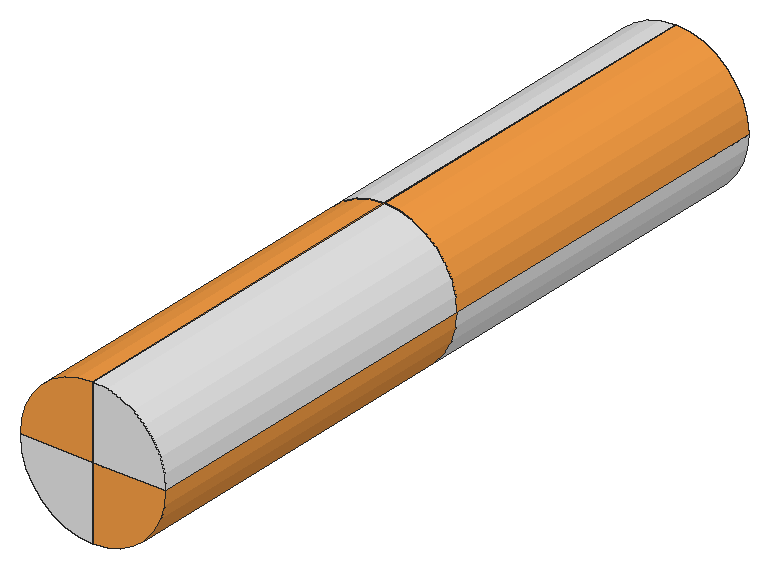
Revit family "DBU_GM_UN_Opening-SymbolicCircular-MEPcontent_gen_BERSnl", category Generic Models, Revit 2022
Family settings
  Can host rebar = No
  Round Connector Dimension = Use Diameter
  Part Type = Normal
  Work Plane-Based = No
  Always vertical = No
  Cut with Voids When Loaded = No
  Maintain Annotation Orientation = No
  Shared = No
  Room Calculation Point = No
Parameters
  Response [instance] = if(DBU_OpeningStatus = 0, "Request", if(DBU_OpeningStatus = 1, "Declined", if(DBU_OpeningStatus = 2, "Approved", if(DBU_OpeningStatus = 3, "Approved Drilling", if(DBU_OpeningStatus = 4, "On Hold", if(DBU_OpeningStatus = 5, "Executed", "Invalid"))))))  # "Request"
  Request [instance] = DBU_OpeningStatus = 0  # yes
  On Hold [instance] = DBU_OpeningStatus = 3  # no
  Not Drilling [instance] = yes
  Execution Type [instance] = if(Not Drilling, "Not Drilling", "Drilling")  # "Not Drilling"
  Executed [instance] = DBU_OpeningStatus = 4  # no
  Drilling [instance] = not(Not Drilling)  # no
  Default Elevation = 0 mm
  Declined [instance] = DBU_OpeningStatus = 1  # no
  DBU_OpeningStatus [instance] = 0
  DBU_CTE_Zone [instance] = ""
  DBU_CTE_Z Coordinate Value [instance] = ""
  DBU_CTE_Level [instance] = ""
  DBU_CTE_ID [instance] = ""
  DBU_CTE_Discipline = ""
  DBU_CTE_Classificatie [instance] = ""
  DBU_CTE_BuildingPart [instance] = ""
  DBU_CLE_Z Value - Top [instance] = 0 mm
  DBU_CLE_Diameter [instance] = 200 mm
  DBU_CLE_Depth [instance] = 1000 mm
  Approved [instance] = DBU_OpeningStatus = 2  # no
Reference planes
  plane 1 "Center (Front/Back)": y = 0
  plane 2: z = 0
  plane 3 "Center (Left/Right)": x = 0
Lines and regions (mm)
  model lines, style "InvisibleLines"
    curve 1: line (0, 0, -2500) -> (0, 0, 2500)
Dimensions and locks
  aligned and locked: level to plane 2
  aligned and locked: plane 3 "Center (Left/Right)" to nested 1
  aligned and locked: plane 1 "Center (Front/Back)" to nested 1
  aligned and locked: level to nested 1
  aligned and locked: curve 1 to plane 3 "Center (Left/Right)"
  aligned and locked: curve 1 to plane 1 "Center (Front/Back)"
Nested families
  nested 1: "DBU_OpeningCircular" at (0, 0, 0), Depth <- "DBU_CLE_Depth", Diameter <- "DBU_CLE_Diameter", ConstructorStatus <- "DBU_OpeningStatus", type "DBU_OpeningCircular"
    with Request yes, RecessNeutral Color RGB 230-230-230, Radius 100 mm, OnHold no, Executed no, Diameter 200 mm, Depth 1000 mm, Declined no, ConstructorStatus 0, Approved no
Definition of nested family "DBU_OpeningCircular"
  Parameters (values of type "DBU_OpeningCircular")
    Request [instance] = not(or(Declined, Approved, OnHold, Executed))  # yes
    RecessNeutral [instance] = none
    Radius [instance] = Diameter / 2  # 75 mm
    OnHold [instance] = ConstructorStatus = 3  # no
    Executed [instance] = ConstructorStatus = 4  # no
    Diameter [instance] = 150 mm
    Depth [instance] = 1000 mm
    Default Elevation = 1219.2 mm
    Declined [instance] = ConstructorStatus = 1  # no
    ConstructorStatus [instance] = 0
    Approved [instance] = ConstructorStatus = 2  # no
  Reference planes
    plane 1 "Center (Front/Back)": y = 0
    plane 2: z = 0
    plane 3 "Center (Left/Right)": x = 0
    plane 4: y = 500
    plane 5: y = -500
    plane 6: z = -75
    plane 7: z = -150
  Forms (mm)
    Extrusion 1, solid, visible <- "Request"
      sketch origin (0, 0, 0) x (1, 0, 0) y (0, 0, 1)
        loop
          line (0, -75) -> (0, 0)
          arc (0, 0) -> (-53.033, -21.967) -> (-75, -75) r 75
          line (-75, -75) -> (0, -75)
      from 0 to 500
    Extrusion 2, solid, material <- "RecessNeutral"
      sketch origin (0, 0, 0) x (1, 0, 0) y (0, 0, 1)
        loop
          line (0, -75) -> (75, -75)
          arc (75, -75) -> (53.033, -21.967) -> (0, 0) r 75
          line (0, 0) -> (0, -75)
      from 0 to 500
    Extrusion 3, solid, material <- "RecessNeutral"
      sketch origin (0, 0, 0) x (1, 0, 0) y (0, 0, 1)
        loop
          arc (-75, -75) -> (-53.033, -128.033) -> (0, -150) r 75
          line (0, -150) -> (0, -75) -> (-75, -75)
      from 0 to 500
    Extrusion 4, solid, visible <- "Request"
      sketch origin (0, 0, 0) x (1, 0, 0) y (0, 0, 1)
        loop
          line (75, -75) -> (0, -75) -> (0, -150)
          arc (0, -150) -> (53.033, -128.033) -> (75, -75) r 75
      from 0 to 500
    Extrusion 5, solid, visible <- "Request"
      sketch origin (0, 0, 0) x (1, 0, 0) y (0, 0, 1)
        loop
          arc (75, -75) -> (53.033, -21.967) -> (0, 0) r 75
          line (0, 0) -> (0, -75) -> (75, -75)
      from -500 to 0
    Extrusion 6, solid, material <- "RecessNeutral"
      sketch origin (0, 0, 0) x (1, 0, 0) y (0, 0, 1)
        loop
          line (75, -75) -> (0, -75) -> (0, -150)
          arc (0, -150) -> (53.033, -128.033) -> (75, -75) r 75
      from -500 to 0
    Extrusion 7, solid, material <- "RecessNeutral"
      sketch origin (0, 0, 0) x (1, 0, 0) y (0, 0, 1)
        loop
          arc (0, 0) -> (-53.033, -21.967) -> (-75, -75) r 75
          line (-75, -75) -> (0, -75) -> (0, 0)
      from -500 to 0
    Extrusion 8, solid, visible <- "Request"
      sketch origin (0, 0, 0) x (1, 0, 0) y (0, 0, 1)
        loop
          line (0, -150) -> (0, -75) -> (-75, -75)
          arc (-75, -75) -> (-53.033, -128.033) -> (0, -150) r 75
      from -500 to 0
    Extrusion 9, solid, visible <- "Declined"
      sketch origin (0, 0, 0) x (1, 0, 0) y (0, 0, 1)
        loop
          line (0, -75) -> (0, 0)
          arc (0, 0) -> (-53.033, -21.967) -> (-75, -75) r 75
          line (-75, -75) -> (0, -75)
      from 0 to 500
    Extrusion 10, solid, visible <- "Declined"
      sketch origin (0, 0, 0) x (1, 0, 0) y (0, 0, 1)
        loop
          line (75, -75) -> (0, -75) -> (0, -150)
          arc (0, -150) -> (53.033, -128.033) -> (75, -75) r 75
      from 0 to 500
    Extrusion 11, solid, visible <- "Declined"
      sketch origin (0, 0, 0) x (1, 0, 0) y (0, 0, 1)
        loop
          arc (75, -75) -> (53.033, -21.967) -> (0, 0) r 75
          line (0, 0) -> (0, -75) -> (75, -75)
      from -500 to 0
    Extrusion 12, solid, visible <- "Declined"
      sketch origin (0, 0, 0) x (1, 0, 0) y (0, 0, 1)
        loop
          line (0, -150) -> (0, -75) -> (-75, -75)
          arc (-75, -75) -> (-53.033, -128.033) -> (0, -150) r 75
      from -500 to 0
    Extrusion 13, solid, visible <- "Approved"
      sketch origin (0, 0, 0) x (1, 0, 0) y (0, 0, 1)
        loop
          line (0, -75) -> (0, 0)
          arc (0, 0) -> (-53.033, -21.967) -> (-75, -75) r 75
          line (-75, -75) -> (0, -75)
      from 0 to 500
    Extrusion 14, solid, visible <- "Approved"
      sketch origin (0, 0, 0) x (1, 0, 0) y (0, 0, 1)
        loop
          line (75, -75) -> (0, -75) -> (0, -150)
          arc (0, -150) -> (53.033, -128.033) -> (75, -75) r 75
      from 0 to 500
    Extrusion 15, solid, visible <- "Approved"
      sketch origin (0, 0, 0) x (1, 0, 0) y (0, 0, 1)
        loop
          arc (75, -75) -> (53.033, -21.967) -> (0, 0) r 75
          line (0, 0) -> (0, -75) -> (75, -75)
      from -500 to 0
    Extrusion 16, solid, visible <- "Approved"
      sketch origin (0, 0, 0) x (1, 0, 0) y (0, 0, 1)
        loop
          line (0, -150) -> (0, -75) -> (-75, -75)
          arc (-75, -75) -> (-53.033, -128.033) -> (0, -150) r 75
      from -500 to 0
    Extrusion 17, solid, visible <- "OnHold"
      sketch origin (0, 0, 0) x (1, 0, 0) y (0, 0, 1)
        loop
          line (0, -75) -> (0, 0)
          arc (0, 0) -> (-53.033, -21.967) -> (-75, -75) r 75
          line (-75, -75) -> (0, -75)
      from 0 to 500
    Extrusion 18, solid, visible <- "OnHold"
      sketch origin (0, 0, 0) x (1, 0, 0) y (0, 0, 1)
        loop
          line (75, -75) -> (0, -75) -> (0, -150)
          arc (0, -150) -> (53.033, -128.033) -> (75, -75) r 75
      from 0 to 500
    Extrusion 19, solid, visible <- "OnHold"
      sketch origin (0, 0, 0) x (1, 0, 0) y (0, 0, 1)
        loop
          arc (75, -75) -> (53.033, -21.967) -> (0, 0) r 75
          line (0, 0) -> (0, -75) -> (75, -75)
      from -500 to 0
    Extrusion 20, solid, visible <- "OnHold"
      sketch origin (0, 0, 0) x (1, 0, 0) y (0, 0, 1)
        loop
          line (0, -150) -> (0, -75) -> (-75, -75)
          arc (-75, -75) -> (-53.033, -128.033) -> (0, -150) r 75
      from -500 to 0
    Extrusion 21, solid, visible <- "Executed"
      sketch origin (0, 0, 0) x (1, 0, 0) y (0, 0, 1)
        loop
          line (0, -75) -> (0, 0)
          arc (0, 0) -> (-53.033, -21.967) -> (-75, -75) r 75
          line (-75, -75) -> (0, -75)
      from 0 to 500
    Extrusion 22, solid, visible <- "Executed"
      sketch origin (0, 0, 0) x (1, 0, 0) y (0, 0, 1)
        loop
          line (75, -75) -> (0, -75) -> (0, -150)
          arc (0, -150) -> (53.033, -128.033) -> (75, -75) r 75
      from 0 to 500
    Extrusion 23, solid, visible <- "Executed"
      sketch origin (0, 0, 0) x (1, 0, 0) y (0, 0, 1)
        loop
          arc (75, -75) -> (53.033, -21.967) -> (0, 0) r 75
          line (0, 0) -> (0, -75) -> (75, -75)
      from -500 to 0
    Extrusion 24, solid, visible <- "Executed"
      sketch origin (0, 0, 0) x (1, 0, 0) y (0, 0, 1)
        loop
          line (0, -150) -> (0, -75) -> (-75, -75)
          arc (-75, -75) -> (-53.033, -128.033) -> (0, -150) r 75
      from -500 to 0
  Dimensions and locks
    equal spacing: plane 4, plane 1 "Center (Front/Back)", plane 5
    "Depth": plane 4 to plane 5
    "Radius": level to plane 6
    "Radius": plane 6 to plane 7
    "Radius": radius of Extrusion 1 sketch curve
    "Radius": radius of Extrusion 2 sketch curve
    "Radius": radius of Extrusion 3 sketch curve
    "Radius": radius of Extrusion 4 sketch curve
    "Radius": radius of Extrusion 5 sketch curve
    "Radius": radius of Extrusion 6 sketch curve
    "Radius": radius of Extrusion 7 sketch curve
    "Radius": radius of Extrusion 8 sketch curve
    "Radius": radius of Extrusion 9 sketch curve
    "Radius": radius of Extrusion 10 sketch curve
    "Radius": radius of Extrusion 11 sketch curve
    "Radius": radius of Extrusion 12 sketch curve
    "Radius": radius of Extrusion 13 sketch curve
    "Radius": radius of Extrusion 14 sketch curve
    "Radius": radius of Extrusion 15 sketch curve
    "Radius": radius of Extrusion 16 sketch curve
    "Radius": radius of Extrusion 17 sketch curve
    "Radius": radius of Extrusion 18 sketch curve
    "Radius": radius of Extrusion 19 sketch curve
    "Radius": radius of Extrusion 20 sketch curve
    "Radius": radius of Extrusion 21 sketch curve
    "Radius": radius of Extrusion 22 sketch curve
    "Radius": radius of Extrusion 23 sketch curve
    "Radius": radius of Extrusion 24 sketch curve
    aligned and locked: level to plane 2
    aligned and locked: plane 3 "Center (Left/Right)" to Extrusion 1 sketch curve
    aligned and locked: plane 6 to Extrusion 1 sketch curve
    aligned and locked: Extrusion 1 to plane 5
    aligned and locked: plane 3 "Center (Left/Right)" to Extrusion 2 sketch curve  (x2)
    aligned and locked: Extrusion 2 sketch curve to plane 6
    aligned and locked: plane 6 to Extrusion 2 sketch curve
    aligned and locked: Extrusion 2 to plane 5
    aligned and locked: Extrusion 3 sketch curve to plane 6
    aligned and locked: Extrusion 3 sketch curve to plane 3 "Center (Left/Right)"
    aligned and locked: plane 3 "Center (Left/Right)" to Extrusion 3 sketch curve
    aligned and locked: plane 6 to Extrusion 3 sketch curve
    aligned and locked: Extrusion 3 to plane 5
    aligned and locked: plane 3 "Center (Left/Right)" to Extrusion 4 sketch curve
    aligned and locked: plane 6 to Extrusion 4 sketch curve  (x2)
    aligned and locked: Extrusion 4 sketch curve to plane 3 "Center (Left/Right)"
    aligned and locked: Extrusion 4 to plane 5
    aligned and locked: Extrusion 1 to plane 1 "Center (Front/Back)"
    aligned and locked: Extrusion 2 to plane 1 "Center (Front/Back)"
    aligned and locked: Extrusion 4 to plane 1 "Center (Front/Back)"
    aligned and locked: Extrusion 3 to plane 1 "Center (Front/Back)"
    aligned and locked: Extrusion 5 sketch curve to plane 3 "Center (Left/Right)"
    aligned and locked: Extrusion 5 sketch curve to plane 6
    aligned and locked: plane 3 "Center (Left/Right)" to Extrusion 5 sketch curve
    aligned and locked: plane 6 to Extrusion 5 sketch curve
    aligned and locked: plane 4 to Extrusion 5
    aligned and locked: plane 1 "Center (Front/Back)" to Extrusion 5
    aligned and locked: Extrusion 6 sketch curve to plane 6
    aligned and locked: plane 3 "Center (Left/Right)" to Extrusion 6 sketch curve  (x2)
    aligned and locked: plane 6 to Extrusion 6 sketch curve
    aligned and locked: plane 4 to Extrusion 6
    aligned and locked: plane 1 "Center (Front/Back)" to Extrusion 6
    aligned and locked: plane 3 "Center (Left/Right)" to Extrusion 7 sketch curve  (x2)
    aligned and locked: Extrusion 7 sketch curve to plane 6
    aligned and locked: plane 6 to Extrusion 7 sketch curve
    aligned and locked: plane 4 to Extrusion 7
    aligned and locked: plane 1 "Center (Front/Back)" to Extrusion 7
    aligned and locked: Extrusion 8 sketch curve to plane 3 "Center (Left/Right)"
    aligned and locked: Extrusion 8 sketch curve to plane 6
    aligned and locked: plane 3 "Center (Left/Right)" to Extrusion 8 sketch curve
    aligned and locked: plane 6 to Extrusion 8 sketch curve
    aligned and locked: plane 4 to Extrusion 8
    aligned and locked: plane 1 "Center (Front/Back)" to Extrusion 8
    aligned and locked: plane 6 to Extrusion 9 sketch curve  (x2)
    aligned and locked: plane 3 "Center (Left/Right)" to Extrusion 9 sketch curve  (x2)
    aligned and locked: Extrusion 9 to plane 1 "Center (Front/Back)"
    aligned and locked: Extrusion 9 to plane 5
    aligned and locked: Extrusion 10 sketch curve to plane 3 "Center (Left/Right)"
    aligned and locked: plane 6 to Extrusion 10 sketch curve  (x2)
    aligned and locked: plane 3 "Center (Left/Right)" to Extrusion 10 sketch curve
    aligned and locked: Extrusion 10 to plane 1 "Center (Front/Back)"
    aligned and locked: Extrusion 10 to plane 5
    aligned and locked: Extrusion 11 sketch curve to plane 3 "Center (Left/Right)"
    aligned and locked: Extrusion 11 sketch curve to plane 6
    aligned and locked: plane 3 "Center (Left/Right)" to Extrusion 11 sketch curve
    aligned and locked: plane 6 to Extrusion 11 sketch curve
    aligned and locked: plane 1 "Center (Front/Back)" to Extrusion 11
    aligned and locked: plane 4 to Extrusion 11
    aligned and locked: Extrusion 12 sketch curve to plane 3 "Center (Left/Right)"
    aligned and locked: Extrusion 12 sketch curve to plane 6
    aligned and locked: plane 3 "Center (Left/Right)" to Extrusion 12 sketch curve
    aligned and locked: plane 6 to Extrusion 12 sketch curve
    aligned and locked: plane 1 "Center (Front/Back)" to Extrusion 12
    aligned and locked: plane 4 to Extrusion 12
    aligned and locked: plane 6 to Extrusion 13 sketch curve  (x2)
    aligned and locked: plane 3 "Center (Left/Right)" to Extrusion 13 sketch curve  (x2)
    aligned and locked: Extrusion 13 to plane 1 "Center (Front/Back)"
    aligned and locked: Extrusion 13 to plane 5
    aligned and locked: Extrusion 14 sketch curve to plane 3 "Center (Left/Right)"
    aligned and locked: plane 6 to Extrusion 14 sketch curve  (x2)
    aligned and locked: plane 3 "Center (Left/Right)" to Extrusion 14 sketch curve
    aligned and locked: Extrusion 14 to plane 1 "Center (Front/Back)"
    aligned and locked: Extrusion 14 to plane 5
    aligned and locked: Extrusion 15 sketch curve to plane 6
    aligned and locked: plane 6 to Extrusion 15 sketch curve
    aligned and locked: Extrusion 15 sketch curve to plane 3 "Center (Left/Right)"
    aligned and locked: plane 3 "Center (Left/Right)" to Extrusion 15 sketch curve
    aligned and locked: plane 1 "Center (Front/Back)" to Extrusion 15
    aligned and locked: plane 4 to Extrusion 15
    aligned and locked: Extrusion 16 sketch curve to plane 3 "Center (Left/Right)"
    aligned and locked: plane 3 "Center (Left/Right)" to Extrusion 16 sketch curve
    aligned and locked: plane 6 to Extrusion 16 sketch curve
    aligned and locked: Extrusion 16 sketch curve to plane 6
    aligned and locked: plane 1 "Center (Front/Back)" to Extrusion 16
    aligned and locked: plane 4 to Extrusion 16
    aligned and locked: plane 6 to Extrusion 17 sketch curve  (x2)
    aligned and locked: plane 3 "Center (Left/Right)" to Extrusion 17 sketch curve  (x2)
    aligned and locked: Extrusion 17 to plane 1 "Center (Front/Back)"
    aligned and locked: Extrusion 17 to plane 5
    aligned and locked: Extrusion 18 sketch curve to plane 3 "Center (Left/Right)"
    aligned and locked: plane 3 "Center (Left/Right)" to Extrusion 18 sketch curve
    aligned and locked: plane 6 to Extrusion 18 sketch curve  (x2)
    aligned and locked: Extrusion 18 to plane 1 "Center (Front/Back)"
    aligned and locked: Extrusion 18 to plane 5
    aligned and locked: plane 3 "Center (Left/Right)" to Extrusion 19 sketch curve
    aligned and locked: Extrusion 19 sketch curve to plane 3 "Center (Left/Right)"
    aligned and locked: plane 6 to Extrusion 19 sketch curve
    aligned and locked: Extrusion 19 sketch curve to plane 6
    aligned and locked: plane 1 "Center (Front/Back)" to Extrusion 19
    aligned and locked: plane 4 to Extrusion 19
    aligned and locked: Extrusion 20 sketch curve to plane 3 "Center (Left/Right)"
    aligned and locked: plane 6 to Extrusion 20 sketch curve
    aligned and locked: Extrusion 20 sketch curve to plane 6
    aligned and locked: plane 3 "Center (Left/Right)" to Extrusion 20 sketch curve
    aligned and locked: plane 1 "Center (Front/Back)" to Extrusion 20
    aligned and locked: plane 4 to Extrusion 20
    aligned and locked: plane 6 to Extrusion 21 sketch curve  (x2)
    aligned and locked: plane 3 "Center (Left/Right)" to Extrusion 21 sketch curve  (x2)
    aligned and locked: Extrusion 21 to plane 1 "Center (Front/Back)"
    aligned and locked: Extrusion 21 to plane 5
    aligned and locked: Extrusion 22 sketch curve to plane 3 "Center (Left/Right)"
    aligned and locked: plane 3 "Center (Left/Right)" to Extrusion 22 sketch curve
    aligned and locked: plane 6 to Extrusion 22 sketch curve  (x2)
    aligned and locked: Extrusion 22 to plane 1 "Center (Front/Back)"
    aligned and locked: Extrusion 22 to plane 5
    aligned and locked: Extrusion 23 sketch curve to plane 6
    aligned and locked: plane 6 to Extrusion 23 sketch curve
    aligned and locked: Extrusion 23 sketch curve to plane 3 "Center (Left/Right)"
    aligned and locked: plane 3 "Center (Left/Right)" to Extrusion 23 sketch curve
    aligned and locked: plane 1 "Center (Front/Back)" to Extrusion 23
    aligned and locked: plane 4 to Extrusion 23
    aligned and locked: Extrusion 24 sketch curve to plane 3 "Center (Left/Right)"
    aligned and locked: plane 3 "Center (Left/Right)" to Extrusion 24 sketch curve
    aligned and locked: Extrusion 24 sketch curve to plane 6
    aligned and locked: plane 6 to Extrusion 24 sketch curve
    aligned and locked: plane 4 to Extrusion 24
    aligned and locked: plane 1 "Center (Front/Back)" to Extrusion 24
